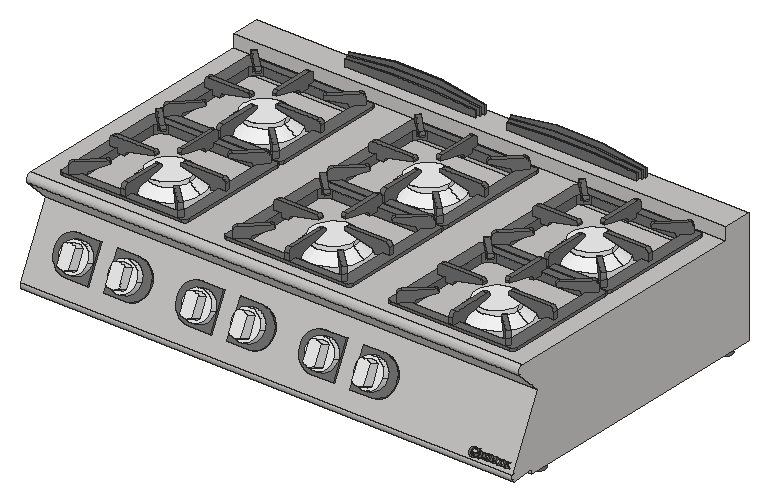
Revit family "QF_GIORIK_ECG760T", category Specialty Equipment, Revit 2014 (continued)
Lines and regions (mm)
  symbolic lines, style "200-EquipInternal-2D"
    curve 161: arc (455, -370, 300) -> (447.929, -372.929, 300) -> (445, -380, 300) r 10
    curve 162: line (445, -90, 300) -> (445, -360, 300)
    curve 163: line (745, -80, 300) -> (455, -80, 300)
    curve 164: arc (455, -80, 300) -> (447.929, -82.929, 300) -> (445, -90, 300) r 10
    curve 165: arc (755, -90, 300) -> (752.071, -82.929, 300) -> (745, -80, 300) r 10
    curve 166: line (595, -374, 300) -> (605, -374, 300)
    curve 167: line (605, -374, 300) -> (605, -484, 300)
    curve 168: line (605, -484, 300) -> (595, -484, 300)
    curve 169: line (595, -484, 300) -> (595, -374, 300)
    curve 170: line (676.43, -431.499, 300) -> (732.999, -374.93, 300)
    curve 171: line (732.999, -374.93, 300) -> (740.07, -382.001, 300)
    curve 172: line (740.07, -382.001, 300) -> (683.501, -438.57, 300)
    curve 173: line (683.501, -438.57, 300) -> (676.43, -431.499, 300)
    curve 174: line (725, -410, 300) -> (725, -510, 300)
    curve 175: line (725, -510, 300) -> (741, -510, 300)
    curve 176: line (741, -510, 300) -> (741, -520, 300)
    curve 177: line (741, -520, 300) -> (631, -520, 300)
    curve 178: line (631, -520, 300) -> (631, -510, 300)
    curve 179: line (631, -510, 300) -> (725, -510, 300)
    curve 180: line (467.001, -374.93, 300) -> (459.93, -382.001, 300)
    curve 181: line (523.57, -431.499, 300) -> (467.001, -374.93, 300)
    curve 182: line (459.93, -382.001, 300) -> (516.499, -438.57, 300)
    curve 183: line (516.499, -438.57, 300) -> (523.57, -431.499, 300)
    curve 184: line (569, -510, 300) -> (459, -510, 300)
    curve 185: line (459, -520, 300) -> (569, -520, 300)
    curve 186: line (569, -520, 300) -> (569, -510, 300)
    curve 187: line (459, -510, 300) -> (459, -520, 300)
    curve 188: line (605, -546, 300) -> (595, -546, 300)
    curve 189: line (595, -546, 300) -> (595, -656, 300)
    curve 190: line (605, -656, 300) -> (605, -546, 300)
    curve 191: line (595, -656, 300) -> (605, -656, 300)
    curve 192: line (676.43, -598.501, 300) -> (732.999, -655.07, 300)
    curve 193: line (740.07, -647.999, 300) -> (683.501, -591.43, 300)
    curve 194: line (683.501, -591.43, 300) -> (676.43, -598.501, 300)
    curve 195: line (732.999, -655.07, 300) -> (740.07, -647.999, 300)
    curve 196: line (516.499, -591.43, 300) -> (459.93, -647.999, 300)
    curve 197: line (523.57, -598.501, 300) -> (516.499, -591.43, 300)
    curve 198: line (467.001, -655.07, 300) -> (523.57, -598.501, 300)
    curve 199: line (459.93, -647.999, 300) -> (467.001, -655.07, 300)
    curve 200: line (495, -390, 300) -> (595, -390, 300)
    curve 201: line (475, -520, 300) -> (475, -620, 300)
    curve 202: line (705, -640, 300) -> (605, -640, 300)
    curve 203: arc (705, -640, 300) -> (710.264, -639.295, 300) -> (715.158, -637.229, 300) r 20
    curve 204: arc (495, -640, 300) -> (489.736, -639.295, 300) -> (484.842, -637.229, 300) r 20
    curve 205: arc (725, -410, 300) -> (724.295, -404.736, 300) -> (722.229, -399.842, 300) r 20
    curve 206: arc (495, -390, 300) -> (489.736, -390.705, 300) -> (484.843, -392.771, 300) r 20
    curve 207: arc (475, -330, 300) -> (475.705, -335.264, 300) -> (477.771, -340.158, 300) r 20
    curve 208: line (605, -350, 300) -> (705, -350, 300)
    curve 209: line (475, -230, 300) -> (475, -330, 300)
    curve 210: arc (705, -350, 300) -> (710.264, -349.295, 300) -> (715.158, -347.229, 300) r 20
    curve 211: line (725, -220, 300) -> (725, -120, 300)
    curve 212: arc (725, -120, 300) -> (724.295, -114.736, 300) -> (722.229, -109.842, 300) r 20
    curve 213: line (595, -100, 300) -> (495, -100, 300)
    curve 214: arc (477.771, -109.842, 300) -> (475.705, -114.736, 300) -> (475, -120, 300) r 20
    curve 215: line (595, -366, 300) -> (605, -366, 300)
    curve 216: line (605, -366, 300) -> (605, -256, 300)
    curve 217: line (605, -256, 300) -> (595, -256, 300)
    curve 218: line (595, -256, 300) -> (595, -366, 300)
    curve 219: line (676.43, -308.501, 300) -> (732.999, -365.07, 300)
    curve 220: line (732.999, -365.07, 300) -> (740.07, -357.999, 300)
    curve 221: line (740.07, -357.999, 300) -> (683.501, -301.43, 300)
    curve 222: line (683.501, -301.43, 300) -> (676.43, -308.501, 300)
    curve 223: line (725, -330, 300) -> (725, -230, 300)
    curve 224: line (725, -230, 300) -> (741, -230, 300)
    curve 225: line (741, -230, 300) -> (741, -220, 300)
    curve 226: line (741, -220, 300) -> (631, -220, 300)
    curve 227: line (631, -220, 300) -> (631, -230, 300)
    curve 228: line (631, -230, 300) -> (725, -230, 300)
    curve 229: line (467.001, -365.07, 300) -> (459.93, -357.999, 300)
    curve 230: line (523.57, -308.501, 300) -> (467.001, -365.07, 300)
    curve 231: line (459.93, -357.999, 300) -> (516.499, -301.43, 300)
    curve 232: line (516.499, -301.43, 300) -> (523.57, -308.501, 300)
    curve 233: line (569, -230, 300) -> (459, -230, 300)
    curve 234: line (459, -220, 300) -> (569, -220, 300)
    curve 235: line (569, -220, 300) -> (569, -230, 300)
    curve 236: line (459, -230, 300) -> (459, -220, 300)
    curve 237: line (605, -194, 300) -> (595, -194, 300)
    curve 238: line (595, -194, 300) -> (595, -84, 300)
    curve 239: line (605, -84, 300) -> (605, -194, 300)
    curve 240: line (595, -84, 300) -> (605, -84, 300)
    curve 241: line (676.43, -141.499, 300) -> (732.999, -84.93, 300)
    curve 242: line (740.07, -92.001, 300) -> (683.501, -148.57, 300)
    curve 243: line (683.501, -148.57, 300) -> (676.43, -141.499, 300)
    curve 244: line (732.999, -84.93, 300) -> (740.07, -92.001, 300)
    curve 245: line (516.499, -148.57, 300) -> (459.93, -92.001, 300)
    curve 246: line (523.57, -141.499, 300) -> (516.499, -148.57, 300)
    curve 247: line (467.001, -84.93, 300) -> (523.57, -141.499, 300)
    curve 248: line (459.93, -92.001, 300) -> (467.001, -84.93, 300)
    curve 249: line (495, -350, 300) -> (595, -350, 300)
    curve 250: line (475, -220, 300) -> (475, -120, 300)
    curve 251: line (705, -100, 300) -> (605, -100, 300)
    curve 252: arc (705, -100, 300) -> (710.264, -100.705, 300) -> (715.158, -102.771, 300) r 20
    curve 253: arc (495, -100, 300) -> (489.736, -100.705, 300) -> (484.842, -102.771, 300) r 20
    curve 254: arc (725, -330, 300) -> (724.295, -335.264, 300) -> (722.229, -340.157, 300) r 20
    curve 255: arc (495, -350, 300) -> (489.736, -349.295, 300) -> (484.843, -347.229, 300) r 20
    curve 256: arc (875, -410, 300) -> (875.705, -404.735, 300) -> (877.771, -399.842, 300) r 20
    curve 257: line (1005, -390, 300) -> (1105, -390, 300)
    curve 258: line (875, -510, 300) -> (875, -410, 300)
    curve 259: arc (1105, -390, 300) -> (1110.264, -390.705, 300) -> (1115.158, -392.771, 300) r 20
    curve 260: line (1125, -520, 300) -> (1125, -620, 300)
    curve 261: arc (1125, -620, 300) -> (1124.295, -625.264, 300) -> (1122.229, -630.157, 300) r 20
    curve 262: line (995, -640, 300) -> (895, -640, 300)
    curve 263: arc (877.771, -630.157, 300) -> (875.705, -625.264, 300) -> (875, -620, 300) r 20
    curve 264: line (1145, -370, 300) -> (855, -370, 300)
    curve 265: arc (1155, -380, 300) -> (1152.071, -372.929, 300) -> (1145, -370, 300) r 10
    curve 266: line (1155, -650, 300) -> (1155, -380, 300)
    curve 267: arc (1145, -370, 300) -> (1152.071, -367.071, 300) -> (1155, -360, 300) r 10
    curve 268: line (1155, -360, 300) -> (1155, -90, 300)
    curve 269: arc (1145, -660, 300) -> (1152.071, -657.071, 300) -> (1155, -650, 300) r 10
    curve 270: line (855, -660, 300) -> (1145, -660, 300)
    curve 271: arc (845, -650, 300) -> (847.929, -657.071, 300) -> (855, -660, 300) r 10
    curve 272: line (845, -380, 300) -> (845, -650, 300)
    curve 273: arc (845, -360, 300) -> (847.929, -367.071, 300) -> (855, -370, 300) r 10
    curve 274: arc (855, -370, 300) -> (847.929, -372.929, 300) -> (845, -380, 300) r 10
    curve 275: line (845, -90, 300) -> (845, -360, 300)
    curve 276: line (1145, -80, 300) -> (855, -80, 300)
    curve 277: arc (855, -80, 300) -> (847.929, -82.929, 300) -> (845, -90, 300) r 10
    curve 278: arc (1155, -90, 300) -> (1152.071, -82.929, 300) -> (1145, -80, 300) r 10
    curve 279: line (995, -374, 300) -> (1005, -374, 300)
    curve 280: line (1005, -374, 300) -> (1005, -484, 300)
    curve 281: line (1005, -484, 300) -> (995, -484, 300)
    curve 282: line (995, -484, 300) -> (995, -374, 300)
    curve 283: line (1076.43, -431.499, 300) -> (1132.999, -374.93, 300)
    curve 284: line (1132.999, -374.93, 300) -> (1140.07, -382.001, 300)
    curve 285: line (1140.07, -382.001, 300) -> (1083.501, -438.57, 300)
    curve 286: line (1083.501, -438.57, 300) -> (1076.43, -431.499, 300)
    curve 287: line (1125, -410, 300) -> (1125, -510, 300)
    curve 288: line (1125, -510, 300) -> (1141, -510, 300)
    curve 289: line (1141, -510, 300) -> (1141, -520, 300)
    curve 290: line (1141, -520, 300) -> (1031, -520, 300)
    curve 291: line (1031, -520, 300) -> (1031, -510, 300)
    curve 292: line (1031, -510, 300) -> (1125, -510, 300)
    curve 293: line (867.001, -374.93, 300) -> (859.93, -382.001, 300)
    curve 294: line (923.57, -431.499, 300) -> (867.001, -374.93, 300)
    curve 295: line (859.93, -382.001, 300) -> (916.499, -438.57, 300)
    curve 296: line (916.499, -438.57, 300) -> (923.57, -431.499, 300)
    curve 297: line (969, -510, 300) -> (859, -510, 300)
    curve 298: line (859, -520, 300) -> (969, -520, 300)
    curve 299: line (969, -520, 300) -> (969, -510, 300)
    curve 300: line (859, -510, 300) -> (859, -520, 300)
    curve 301: line (1005, -546, 300) -> (995, -546, 300)
    curve 302: line (995, -546, 300) -> (995, -656, 300)
    curve 303: line (1005, -656, 300) -> (1005, -546, 300)
    curve 304: line (995, -656, 300) -> (1005, -656, 300)
    curve 305: line (1076.43, -598.501, 300) -> (1132.999, -655.07, 300)
    curve 306: line (1140.07, -647.999, 300) -> (1083.501, -591.43, 300)
    curve 307: line (1083.501, -591.43, 300) -> (1076.43, -598.501, 300)
    curve 308: line (1132.999, -655.07, 300) -> (1140.07, -647.999, 300)
    curve 309: line (916.499, -591.43, 300) -> (859.93, -647.999, 300)
    curve 310: line (923.57, -598.501, 300) -> (916.499, -591.43, 300)
    curve 311: line (867.001, -655.07, 300) -> (923.57, -598.501, 300)
    curve 312: line (859.93, -647.999, 300) -> (867.001, -655.07, 300)
    curve 313: line (895, -390, 300) -> (995, -390, 300)
    curve 314: line (875, -520, 300) -> (875, -620, 300)
    curve 315: line (1105, -640, 300) -> (1005, -640, 300)
    curve 316: arc (1105, -640, 300) -> (1110.264, -639.295, 300) -> (1115.158, -637.229, 300) r 20
    curve 317: arc (895, -640, 300) -> (889.736, -639.295, 300) -> (884.842, -637.229, 300) r 20
    curve 318: arc (1125, -410, 300) -> (1124.295, -404.736, 300) -> (1122.229, -399.842, 300) r 20
    curve 319: arc (895, -390, 300) -> (889.736, -390.705, 300) -> (884.843, -392.771, 300) r 20
    curve 320: arc (875, -330, 300) -> (875.705, -335.264, 300) -> (877.771, -340.158, 300) r 20
    curve 321: line (1005, -350, 300) -> (1105, -350, 300)
    curve 322: line (875, -230, 300) -> (875, -330, 300)
    curve 323: arc (1105, -350, 300) -> (1110.264, -349.295, 300) -> (1115.158, -347.229, 300) r 20
    curve 324: line (1125, -220, 300) -> (1125, -120, 300)
    curve 325: arc (1125, -120, 300) -> (1124.295, -114.736, 300) -> (1122.229, -109.842, 300) r 20
    curve 326: line (995, -100, 300) -> (895, -100, 300)
    curve 327: arc (877.771, -109.842, 300) -> (875.705, -114.736, 300) -> (875, -120, 300) r 20
    curve 328: line (995, -366, 300) -> (1005, -366, 300)
    curve 329: line (1005, -366, 300) -> (1005, -256, 300)
    curve 330: line (1005, -256, 300) -> (995, -256, 300)
    curve 331: line (995, -256, 300) -> (995, -366, 300)
    curve 332: line (1076.43, -308.501, 300) -> (1132.999, -365.07, 300)
    curve 333: line (1132.999, -365.07, 300) -> (1140.07, -357.999, 300)
    curve 334: line (1140.07, -357.999, 300) -> (1083.501, -301.43, 300)
    curve 335: line (1083.501, -301.43, 300) -> (1076.43, -308.501, 300)
    curve 336: line (1125, -330, 300) -> (1125, -230, 300)
    curve 337: line (1125, -230, 300) -> (1141, -230, 300)
    curve 338: line (1141, -230, 300) -> (1141, -220, 300)
    curve 339: line (1141, -220, 300) -> (1031, -220, 300)
    curve 340: line (1031, -220, 300) -> (1031, -230, 300)
    curve 341: line (1031, -230, 300) -> (1125, -230, 300)
    curve 342: line (867.001, -365.07, 300) -> (859.93, -357.999, 300)
    curve 343: line (923.57, -308.501, 300) -> (867.001, -365.07, 300)
    curve 344: line (859.93, -357.999, 300) -> (916.499, -301.43, 300)
    curve 345: line (916.499, -301.43, 300) -> (923.57, -308.501, 300)
    curve 346: line (969, -230, 300) -> (859, -230, 300)
    curve 347: line (859, -220, 300) -> (969, -220, 300)
    curve 348: line (969, -220, 300) -> (969, -230, 300)
    curve 349: line (859, -230, 300) -> (859, -220, 300)
    curve 350: line (1005, -194, 300) -> (995, -194, 300)
    curve 351: line (995, -194, 300) -> (995, -84, 300)
    curve 352: line (1005, -84, 300) -> (1005, -194, 300)
    curve 353: line (995, -84, 300) -> (1005, -84, 300)
    curve 354: line (1076.43, -141.499, 300) -> (1132.999, -84.93, 300)
    curve 355: line (1140.07, -92.001, 300) -> (1083.501, -148.57, 300)
    curve 356: line (1083.501, -148.57, 300) -> (1076.43, -141.499, 300)
    curve 357: line (1132.999, -84.93, 300) -> (1140.07, -92.001, 300)
    curve 358: line (916.499, -148.57, 300) -> (859.93, -92.001, 300)
    curve 359: line (923.57, -141.499, 300) -> (916.499, -148.57, 300)
    curve 360: line (867.001, -84.93, 300) -> (923.57, -141.499, 300)
    curve 361: line (859.93, -92.001, 300) -> (867.001, -84.93, 300)
    curve 362: line (895, -350, 300) -> (995, -350, 300)
    curve 363: line (875, -220, 300) -> (875, -120, 300)
    curve 364: line (1105, -100, 300) -> (1005, -100, 300)
    curve 365: arc (1105, -100, 300) -> (1110.264, -100.705, 300) -> (1115.158, -102.771, 300) r 20
    curve 366: arc (895, -100, 300) -> (889.736, -100.705, 300) -> (884.842, -102.771, 300) r 20
    curve 367: arc (1125, -330, 300) -> (1124.295, -335.264, 300) -> (1122.229, -340.157, 300) r 20
    curve 368: arc (895, -350, 300) -> (889.736, -349.295, 300) -> (884.843, -347.229, 300) r 20
    curve 369: arc (995, -274.749, 900) -> (964.645, -260.355, 900) -> (950.251, -230, 900) r 50
    curve 370: arc (995, -299.549, 900) -> (947.167, -277.833, 900) -> (925.451, -230, 900) r 74.717
    curve 371: arc (1005, -274.749, 900) -> (1035.355, -260.355, 900) -> (1049.749, -230, 900) r 50
    curve 372: arc (1005, -299.833, 900) -> (1053.033, -278.033, 900) -> (1074.833, -230, 900) r 75
    curve 373: arc (1005, -175.251, 900) -> (1035.355, -189.645, 900) -> (1049.749, -220, 900) r 50
    curve 374: arc (1005, -150.167, 900) -> (1053.033, -171.967, 900) -> (1074.833, -220, 900) r 75
    curve 375: arc (995, -175.251, 900) -> (964.645, -189.645, 900) -> (950.251, -220, 900) r 50
    curve 376: arc (925.167, -220, 900) -> (946.967, -171.967, 900) -> (995, -150.167, 900) r 75
    curve 377: arc (995, -465.251, 900) -> (964.645, -479.645, 900) -> (950.251, -510, 900) r 50
    curve 378: arc (995, -440.451, 900) -> (947.167, -462.167, 900) -> (925.451, -510, 900) r 74.717
    curve 379: arc (1005, -465.251, 900) -> (1035.355, -479.645, 900) -> (1049.749, -510, 900) r 50
    curve 380: arc (1005, -440.167, 900) -> (1053.033, -461.967, 900) -> (1074.833, -510, 900) r 75
    curve 381: arc (1005, -564.749, 900) -> (1035.355, -550.355, 900) -> (1049.749, -520, 900) r 50
    curve 382: arc (1005, -589.833, 900) -> (1053.033, -568.033, 900) -> (1074.833, -520, 900) r 75
    curve 383: arc (995, -564.749, 900) -> (964.645, -550.355, 900) -> (950.251, -520, 900) r 50
    curve 384: arc (925.167, -520, 900) -> (946.967, -568.033, 900) -> (995, -589.833, 900) r 75
    curve 385: arc (595, -274.749, 900) -> (564.645, -260.355, 900) -> (550.251, -230, 900) r 50
    curve 386: arc (595, -299.549, 900) -> (547.167, -277.833, 900) -> (525.451, -230, 900) r 74.717
    curve 387: arc (605, -274.749, 900) -> (635.355, -260.355, 900) -> (649.749, -230, 900) r 50
    curve 388: arc (605, -299.833, 900) -> (653.033, -278.033, 900) -> (674.833, -230, 900) r 75
    curve 389: arc (605, -175.251, 900) -> (635.355, -189.645, 900) -> (649.749, -220, 900) r 50
    curve 390: arc (605, -150.167, 900) -> (653.033, -171.967, 900) -> (674.833, -220, 900) r 75
    curve 391: arc (595, -175.251, 900) -> (564.645, -189.645, 900) -> (550.251, -220, 900) r 50
    curve 392: arc (525.167, -220, 900) -> (546.967, -171.967, 900) -> (595, -150.167, 900) r 75
    curve 393: arc (595, -465.251, 900) -> (564.645, -479.645, 900) -> (550.251, -510, 900) r 50
    curve 394: arc (595, -440.451, 900) -> (547.167, -462.167, 900) -> (525.451, -510, 900) r 74.717
    curve 395: arc (605, -465.251, 900) -> (635.355, -479.645, 900) -> (649.749, -510, 900) r 50
    curve 396: arc (605, -440.167, 900) -> (653.033, -461.967, 900) -> (674.833, -510, 900) r 75
    curve 397: arc (605, -564.749, 900) -> (635.355, -550.355, 900) -> (649.749, -520, 900) r 50
    curve 398: arc (605, -589.833, 900) -> (653.033, -568.033, 900) -> (674.833, -520, 900) r 75
    curve 399: arc (595, -564.749, 900) -> (564.645, -550.355, 900) -> (550.251, -520, 900) r 50
    curve 400: arc (525.167, -520, 900) -> (546.967, -568.033, 900) -> (595, -589.833, 900) r 75
    curve 401: arc (195, -274.749, 900) -> (164.645, -260.355, 900) -> (150.251, -230, 900) r 50
    curve 402: arc (195, -299.549, 900) -> (147.167, -277.833, 900) -> (125.451, -230, 900) r 74.717
    curve 403: arc (205, -274.749, 900) -> (235.355, -260.355, 900) -> (249.749, -230, 900) r 50
    curve 404: arc (205, -299.833, 900) -> (253.033, -278.033, 900) -> (274.833, -230, 900) r 75
    curve 405: arc (205, -175.251, 900) -> (235.355, -189.645, 900) -> (249.749, -220, 900) r 50
    curve 406: arc (205, -150.167, 900) -> (253.033, -171.967, 900) -> (274.833, -220, 900) r 75
    curve 407: arc (195, -175.251, 900) -> (164.645, -189.645, 900) -> (150.251, -220, 900) r 50
    curve 408: arc (125.167, -220, 900) -> (146.967, -171.967, 900) -> (195, -150.167, 900) r 75
    curve 409: arc (195, -465.251, 900) -> (164.645, -479.645, 900) -> (150.251, -510, 900) r 50
    curve 410: arc (195, -440.451, 900) -> (147.167, -462.167, 900) -> (125.451, -510, 900) r 74.717
    curve 411: arc (205, -465.251, 900) -> (235.355, -479.645, 900) -> (249.749, -510, 900) r 50
    curve 412: arc (205, -440.167, 900) -> (253.033, -461.967, 900) -> (274.833, -510, 900) r 75
    curve 413: arc (205, -564.749, 900) -> (235.355, -550.355, 900) -> (249.749, -520, 900) r 50
    curve 414: arc (205, -589.833, 900) -> (253.033, -568.033, 900) -> (274.833, -520, 900) r 75
    curve 415: arc (195, -564.749, 900) -> (164.645, -550.355, 900) -> (150.251, -520, 900) r 50
    curve 416: arc (125.167, -520, 900) -> (146.967, -568.033, 900) -> (195, -589.833, 900) r 75
Dimensions and locks
  plane 3 "Left" to plane 4 "Right" = 1200 mm
  plane 5 "Front" to plane 1 "Back" = 720 mm
  plane 4 "Right" to plane 3 "Left" = 1200 mm
  plane 1 "Back" to plane 5 "Front" = 720 mm
  plane 6 "Top" to level = 300 mm  (x2)
  aligned and locked: level to plane 2
Connectors
  piping at (50, -385, 5), diameter 25.4, driven by "Gas Size"
    settings: on Extrusion 6, index 3, connector inside diameter 24", connector length 0 mm, flow factor 0, pipe flow 0.0 L/s, pressure drop 0.0 Pa, fitting loss kfactor 0, connector angle 0.00°, fixture units 0, engagement length 0 mm, angle of deflection 0.00°, flow configuration 1, flow direction 1, fitting loss method 0, system type 22, joint type 0, gender type 0, connector reference index -1, connector utility 0, adjustable connector no, is connector primary yes, connector description "Gas Inlet"
